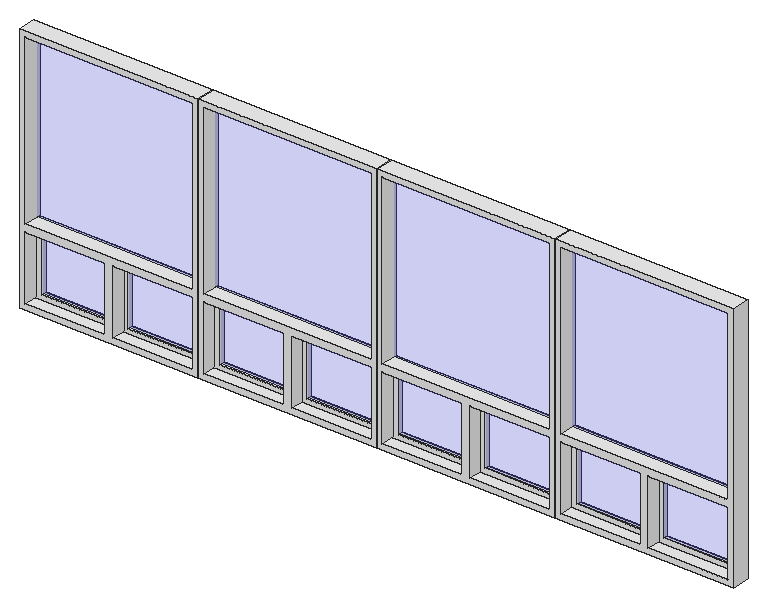
Revit family
Parameters (values of type "AW15-1")
  창 두께 = 150 mm
  창 패널 = AW14 창 패널
  창 프레임 = AW14 창 프레임
  폭 1 = Width / 4  # 1500 mm
  Height = 2100 mm
  절반 창 두께 = 창 두께 / 2  # 75 mm
  기본 씰 높이 = 600 mm
  Wall Closure = (empty or 0)
  Width = 6000 mm
Types (4, lengths in mm): name | Height | 기본 씰 높이
  (no name) | 2100 | 600
  AW14 | 1500 | 900
  AW15 | 1800 | 900
  AW15-1 | 2100 | 600
Reference planes
  plane 1: y = 0
  plane 2 "중심(왼쪽/오른쪽)": x = 0
  plane 3 "왼쪽": x = -3000
  plane 4 "오른쪽": x = 3000
  plane 5 "씰": z = 600
  plane 6 "헤드": z = 2700
  plane 7 "외부": y = 100
  plane 8 "내부": y = -100
  plane 9: y = 75
  plane 10: y = -75
  plane 11: y = 35
  plane 12: x = -2955
  plane 13: x = 2955
  plane 14: x = -2945
  plane 15: x = 2945
  plane 16: z = 1200
  plane 17: z = 1190
  plane 18: z = 1245
  plane 19: y = 55
  plane 20: y = 66
  plane 21: y = 44
  plane 22: y = -11
  plane 23: y = 11
  plane 24: x = -22.5
  plane 25: x = 22.5
  plane 26: x = -32.5
  plane 27: x = 32.5
  plane 28: x = -1500
  plane 29: x = 1500
  plane 30: x = -1532.5
  plane 31: x = -1467.5
  plane 32: x = -1522.5
  plane 33: x = -1477.5
  plane 34: x = 1467.5
  plane 35: x = 1532.5
  plane 36: x = 1477.5
  plane 37: x = 1522.5
  plane 38: x = 2250
  plane 39: x = 750
  plane 40: x = -750
  plane 41: x = -2250
  plane 42: x = -2282.5
  plane 43: x = -2217.5
  plane 44: x = -2272.5
  plane 45: x = -2227.5
  plane 46: x = -782.5
  plane 47: x = -717.5
  plane 48: x = -772.5
  plane 49: x = -727.5
  plane 50: x = 717.5
  plane 51: x = 782.5
  plane 52: x = 727.5
  plane 53: x = 772.5
  plane 54: x = 2217.5
  plane 55: x = 2282.5
  plane 56: x = 2227.5
  plane 57: x = 2272.5
  plane 58: x = 2625
  plane 59: x = 1875
  plane 60: x = 1125
  plane 61: x = 375
  plane 62: x = -375
  plane 63: x = -1125
  plane 64: x = -1875
  plane 65: x = -2625
Lines and regions (mm)
  symbolic lines
    curve 1: line (-3000, 100, 0) -> (-3000, -100, 0)
    curve 2: line (3000, 100, 0) -> (3000, -100, 0)
    curve 3: line (-3000, 75, 0) -> (3000, 75, 0)
    curve 4: line (-3000, -75, 0) -> (3000, -75, 0)
    curve 5: line (-1545, 75, 0) -> (-1545, -75, 0)
    curve 6: line (-1455, 75, 0) -> (-1455, -75, 0)
    curve 7: line (-45, 75, 0) -> (-45, -75, 0)
    curve 8: line (45, 75, 0) -> (45, -75, 0)
    curve 9: line (1455, 75, 0) -> (1455, -75, 0)
    curve 10: line (1545, 75, 0) -> (1545, -75, 0)
    curve 11: line (-3000, 0, 0) -> (-1545, 0, 0)
    curve 12: line (-1455, 0, 0) -> (-45, 0, 0)
    curve 13: line (45, 0, 0) -> (1455, 0, 0)
    curve 14: line (1545, 0, 0) -> (3000, 0, 0)
Text (mm)
  text "외부" at (-1963.203, 1332.353, 0), in view "참조 레벨"
  text "내부" at (-1981.466, -818.386, 0), in view "참조 레벨"
  text "외부" at (0, 923.751, 2943.296), in view "오른쪽"
  text "외부" at (0, 1040.484, 2685.409), in view "왼쪽"
Dimensions and locks
  equal spacing: plane 3 "왼쪽", plane 2 "중심(왼쪽/오른쪽)", plane 4 "오른쪽"
  "Width": plane 3 "왼쪽" to plane 4 "오른쪽"
  "Height": plane 5 "씰" to plane 6 "헤드"
  "기본 씰 높이": plane 5 "씰" to level
  locked: plane 7 "외부" to host wall at 0
  locked: plane 8 "내부" to host wall
  plane 17 to plane 16 to plane 18 = 10 mm locked, 45 mm locked
  plane 9 to plane 19 to plane 11 = 20 mm locked, 20 mm locked
  plane 20 to plane 19 to plane 21 = 11 mm locked, 11 mm locked
  plane 23 to host wall to plane 22 = 11 mm locked, 11 mm locked
  plane 3 "왼쪽" to plane 12 to plane 14 = 45 mm locked, 10 mm locked
  plane 15 to plane 13 to plane 4 "오른쪽" = 10 mm locked, 45 mm locked
  plane 24 to plane 2 "중심(왼쪽/오른쪽)" to plane 25 = 22.5 mm locked, 22.5 mm locked
  locked: plane 26 to plane 24 at 10
  locked: plane 25 to plane 27 at 10
  locked: plane 5 "씰" to plane 16 at 600
  equal spacing: plane 3 "왼쪽", plane 28, plane 2 "중심(왼쪽/오른쪽)"
  equal spacing: plane 2 "중심(왼쪽/오른쪽)", plane 29, plane 4 "오른쪽"
  plane 30 to plane 32 to plane 28 to plane 33 to plane 31 = 10 mm locked, 22.5 mm locked, 22.5 mm locked, 10 mm locked
  plane 34 to plane 36 to plane 29 to plane 37 to plane 35 = 10 mm locked, 22.5 mm locked, 22.5 mm locked, 10 mm locked
  equal spacing: plane 2 "중심(왼쪽/오른쪽)", plane 40, plane 28
  equal spacing: plane 28, plane 41, plane 3 "왼쪽"
  equal spacing: plane 29, plane 38, plane 4 "오른쪽"
  equal spacing: plane 2 "중심(왼쪽/오른쪽)", plane 39, plane 29
  plane 42 to plane 44 to plane 41 to plane 45 to plane 43 = 10 mm locked, 22.5 mm locked, 22.5 mm locked, 10 mm locked
  plane 46 to plane 48 to plane 40 to plane 49 to plane 47 = 10 mm locked, 22.5 mm locked, 22.5 mm locked, 10 mm locked
  plane 50 to plane 52 to plane 39 to plane 53 to plane 51 = 10 mm locked, 22.5 mm locked, 22.5 mm locked, 10 mm locked
  plane 54 to plane 56 to plane 38 to plane 57 to plane 55 = 10 mm locked, 22.5 mm locked, 22.5 mm locked, 10 mm locked
  equal spacing: plane 38, plane 58, plane 4 "오른쪽"
  equal spacing: plane 38, plane 59, plane 29
  equal spacing: plane 39, plane 60, plane 29
  equal spacing: plane 39, plane 61, plane 2 "중심(왼쪽/오른쪽)"
  equal spacing: plane 2 "중심(왼쪽/오른쪽)", plane 62, plane 40
  equal spacing: plane 40, plane 63, plane 28
  equal spacing: plane 41, plane 64, plane 28
  equal spacing: plane 41, plane 65, plane 3 "왼쪽"
  "절반 창 두께": plane 9 to host wall
  "절반 창 두께": plane 10 to host wall
  equal spacing: group 2, group 4, group 3, group 1
  equal spacing: group 1, group 3, group 4, group 2  (x2)
  aligned and locked: plane 4 "오른쪽" to nested 1
  aligned and locked: nested 1 to plane 5 "씰"
  aligned and locked: nested 2 to plane 5 "씰"
  aligned and locked: plane 28 to nested 4
  aligned and locked: plane 3 "왼쪽" to curve 3
  aligned and locked: plane 4 "오른쪽" to curve 3
  aligned and locked: curve 3 to plane 9
  aligned and locked: curve 4 to plane 10
  aligned and locked: curve 1 to plane 7 "외부"
  aligned and locked: curve 1 to plane 8 "내부"
  aligned and locked: plane 3 "왼쪽" to curve 1
  aligned and locked: plane 7 "외부" to curve 2
  aligned and locked: plane 8 "내부" to curve 2
  aligned and locked: plane 4 "오른쪽" to curve 2
  aligned and locked: plane 10 to curve 5
  aligned and locked: plane 9 to curve 5
  aligned and locked: nested 2 to curve 5
  aligned and locked: nested 4 to curve 6
  aligned and locked: nested 4 to curve 7
  aligned and locked: nested 3 to curve 8
  aligned and locked: nested 3 to curve 9
  aligned and locked: nested 1 to curve 10
  aligned and locked: curve 5 to curve 11
  aligned and locked: host wall to curve 11
  aligned and locked: curve 6 to curve 12
  aligned and locked: curve 7 to curve 12
  aligned and locked: host wall to curve 12
  aligned and locked: curve 8 to curve 13
  aligned and locked: curve 9 to curve 13
  aligned and locked: host wall to curve 13
  aligned and locked: curve 10 to curve 14
  aligned and locked: host wall to curve 14
Nested families
  nested 1: "AW9 2" at (2250, 0, 0) x (-1, 0, 0) z (0, 0, 1), type "AW9"
  nested 2: "AW9 2" at (-2250, 0, 0) x (-1, 0, 0) z (0, 0, 1), type "AW9"
  nested 3: "AW9 2" at (750, 0, 0) x (-1, 0, 0) z (0, 0, 1), type "AW9"
  nested 4: "AW9 2" at (-750, 0, 0) x (-1, 0, 0) z (0, 0, 1), type "AW9"
Definition of nested family "AW9 2"
  Parameters (values of type "AW9")
    창 두께 = 150 mm
    창 패널 = AW26 창 패널
    창 프레임 = AW26 창 프레임
    Height = 2100 mm
    절반 창 두께 = 창 두께 / 2  # 75 mm
    기본 씰 높이 = 600 mm
    Wall Closure = (empty or 0)
    Width = 1500 mm
    Assembly Code = ""
  Types (3, lengths in mm): name | Width
    AW9 | 1500
    AW9 2 | 1600
    AW9 1 | 4500
  Reference planes
    plane 1: y = 0
    plane 2 "중심(왼쪽/오른쪽)": x = 0
    plane 3 "왼쪽": x = -750
    plane 4 "오른쪽": x = 750
    plane 5 "씰": z = 600
    plane 6 "헤드": z = 2700
    plane 7 "외부": y = 100
    plane 8 "내부": y = -100
    plane 9: y = 75
    plane 10: y = -75
    plane 11: y = 35
    plane 12: x = -705
    plane 13: x = 705
    plane 14: x = -695
    plane 15: x = 695
    plane 16: z = 1200
    plane 17: z = 1190
    plane 18: z = 1245
    plane 19: y = 55
    plane 20: y = 66
    plane 21: y = 44
    plane 22: y = -11
    plane 23: y = 11
    plane 24: x = -22.5
    plane 25: x = 22.5
    plane 26: x = -32.5
    plane 27: x = 32.5
    plane 28: z = 2655
    plane 29: z = 645
    plane 30: x = 655
    plane 31: z = 1150
    plane 32: x = -655
    plane 33: z = 685
    plane 34: x = 72.5
    plane 35: x = -72.5
    plane 36: x = 368.75
    plane 37: x = -368.75
  Forms (mm)
    Extrusion 1, solid, material "AW26 창 프레임" <- "창 프레임"
      sketch origin (-2000, 75, 1000) x (-1, 0, 0) y (0, 0, 1)
        loop
          line (-2750, 1700) -> (-2750, -400) -> (-1250, -400) -> (-1250, 1700) -> (-2750, 1700)
        loop
          line (-2705, 1655) -> (-2705, 245) -> (-1295, 245) -> (-1295, 1655) -> (-2705, 1655)
        loop
          line (-2705, -355) -> (-2032.5, -355) -> (-2032.5, 190) -> (-2705, 190) -> (-2705, -355)
        loop
          line (-1295, -355) -> (-1295, 190) -> (-1967.5, 190) -> (-1967.5, -355) -> (-1295, -355)
      from -150 to 0
    Extrusion 2, solid, material "AW26 창 프레임" <- "창 프레임"
      sketch origin (-2000, 75, 1000) x (-1, 0, 0) y (0, 0, 1)
        loop
          line (-2705, 190) -> (-2705, -355) -> (-2032.5, -355) -> (-2032.5, 190) -> (-2705, 190)
        loop
          line (-1967.5, 190) -> (-1967.5, -355) -> (-1295, -355) -> (-1295, 190) -> (-1967.5, 190)
        loop
          line (-2655, 150) -> (-2655, -315) -> (-2072.5, -315) -> (-2072.5, 150) -> (-2655, 150)
        loop
          line (-1927.5, 150) -> (-1927.5, -315) -> (-1345, -315) -> (-1345, 150) -> (-1927.5, 150)
      from -40 to 0
    Extrusion 3, solid, material "AW26 창 패널" <- "창 패널"
      sketch origin (-2000, 75, 1000) x (-1, 0, 0) y (0, 0, 1)
        loop
          line (-2705, 1655) -> (-2705, 245) -> (-1295, 245) -> (-1295, 1655) -> (-2705, 1655)
        loop
          line (-2655, 150) -> (-2655, -315) -> (-2072.5, -315) -> (-2072.5, 150) -> (-2655, 150)
        loop
          line (-1927.5, 150) -> (-1927.5, -315) -> (-1345, -315) -> (-1345, 150) -> (-1927.5, 150)
      from -31 to -9
  Lines and regions (mm)
    Opening 1
      outline origin (3500, -100, 0) x (1, 0, 0) y (0, 0, 1)
        loop
          line (-2750, 600) -> (-2750, 2700) -> (-4250, 2700) -> (-4250, 600) -> (-2750, 600)
    symbolic lines, style "입면도 스윙"
      curve 1: line (368.75, 75, 1190) -> (705, 75, 645)
      curve 2: line (368.75, 75, 1190) -> (32.5, 75, 645)
      curve 3: line (-32.5, 75, 645) -> (-368.75, 75, 1190)
      curve 4: line (-368.75, 75, 1190) -> (-705, 75, 645)
    symbolic lines
      curve 5: line (-750, 75, 0) -> (750, 75, 0)
      curve 6: line (-705, 0, 0) -> (705, 0, 0)
      curve 7: line (-750, -75, 0) -> (750, -75, 0)
      curve 8: line (-705, 75, 0) -> (-705, -75, 0)
      curve 9: line (705, 75, 0) -> (705, -75, 0)
  Text (mm)
    text "외부" at (-1963.203, 1332.353, 0), in view "참조 레벨"
    text "내부" at (-1981.466, -818.386, 0), in view "참조 레벨"
    text "외부" at (0, 923.751, 2943.296), in view "오른쪽"
    text "외부" at (0, 1040.484, 2685.409), in view "왼쪽"
  Dimensions and locks
    equal spacing: plane 3 "왼쪽", plane 2 "중심(왼쪽/오른쪽)", plane 4 "오른쪽"
    "Width": plane 3 "왼쪽" to plane 4 "오른쪽"
    "Height": plane 5 "씰" to plane 6 "헤드"
    locked: plane 7 "외부" to host wall at 0
    locked: plane 8 "내부" to host wall
    plane 17 to plane 16 to plane 18 = 10 mm locked, 45 mm locked
    plane 9 to plane 19 to plane 11 = 20 mm locked, 20 mm locked
    plane 20 to plane 19 to plane 21 = 11 mm locked, 11 mm locked
    plane 23 to host wall to plane 22 = 11 mm locked, 11 mm locked
    plane 3 "왼쪽" to plane 12 to plane 14 = 45 mm locked, 10 mm locked
    plane 15 to plane 13 to plane 4 "오른쪽" = 10 mm locked, 45 mm locked
    plane 24 to plane 2 "중심(왼쪽/오른쪽)" to plane 25 = 22.5 mm locked, 22.5 mm locked
    locked: plane 26 to plane 24 at 10
    locked: plane 25 to plane 27 at 10
    locked: plane 5 "씰" to plane 16 at 600
    "절반 창 두께": plane 9 to plane 1
    "절반 창 두께": plane 10 to plane 1
    "기본 씰 높이": level to plane 5 "씰"
    locked: plane 28 to plane 6 "헤드" at 45
    locked: plane 5 "씰" to plane 29 at 45
    locked: plane 30 to plane 15 at 40
    locked: plane 31 to plane 17 at 40
    locked: plane 14 to plane 32 at 40
    locked: plane 29 to plane 33 at 40
    locked: plane 34 to plane 27 at 40
    locked: plane 26 to plane 35 at 40
    equal spacing: plane 27, plane 36, plane 13
    equal spacing: plane 26, plane 37, plane 12
    aligned and locked: plane 6 "헤드" to Extrusion 1 sketch curve
    aligned and locked: plane 4 "오른쪽" to Extrusion 1 sketch curve
    aligned and locked: Extrusion 1 sketch curve to plane 5 "씰"
    aligned and locked: Extrusion 1 sketch curve to plane 3 "왼쪽"
    aligned and locked: Extrusion 1 sketch curve to plane 28
    aligned and locked: plane 13 to Extrusion 1 sketch curve  (x2)
    aligned and locked: plane 29 to Extrusion 1 sketch curve  (x2)
    aligned and locked: Extrusion 1 sketch curve to plane 12
    aligned and locked: plane 18 to Extrusion 1 sketch curve
    aligned and locked: plane 12 to Extrusion 1 sketch curve
    aligned and locked: plane 17 to Extrusion 1 sketch curve  (x2)
    aligned and locked: plane 27 to Extrusion 1 sketch curve
    aligned and locked: plane 26 to Extrusion 1 sketch curve
    aligned and locked: Extrusion 1 to plane 10
    aligned and locked: plane 9 to Extrusion 1
    aligned and locked: plane 17 to Extrusion 2 sketch curve  (x2)
    aligned and locked: plane 13 to Extrusion 2 sketch curve
    aligned and locked: plane 29 to Extrusion 2 sketch curve  (x2)
    aligned and locked: plane 27 to Extrusion 2 sketch curve
    aligned and locked: Extrusion 2 sketch curve to plane 31  (x2)
    aligned and locked: Extrusion 2 sketch curve to plane 30
    aligned and locked: plane 33 to Extrusion 2 sketch curve  (x2)
    aligned and locked: Extrusion 2 sketch curve to plane 34
    aligned and locked: Extrusion 2 sketch curve to plane 26
    aligned and locked: Extrusion 2 sketch curve to plane 12
    aligned and locked: Extrusion 2 sketch curve to plane 35
    aligned and locked: Extrusion 2 sketch curve to plane 32
    aligned and locked: Extrusion 2 to plane 9
    aligned and locked: Extrusion 2 to plane 11
    aligned and locked: Extrusion 3 sketch curve to plane 28
    aligned and locked: plane 13 to Extrusion 3 sketch curve
    aligned and locked: Extrusion 3 sketch curve to plane 18
    aligned and locked: Extrusion 3 sketch curve to plane 12
    aligned and locked: Extrusion 3 sketch curve to plane 31  (x2)
    aligned and locked: Extrusion 3 sketch curve to plane 30
    aligned and locked: plane 33 to Extrusion 3 sketch curve  (x2)
    aligned and locked: Extrusion 3 sketch curve to plane 34
    aligned and locked: Extrusion 3 sketch curve to plane 35
    aligned and locked: Extrusion 3 sketch curve to plane 32
    aligned and locked: Extrusion 3 to plane 21
    aligned and locked: plane 20 to Extrusion 3
    aligned and locked: plane 36 to curve 1
    aligned and locked: plane 29 to curve 1
    aligned and locked: plane 13 to curve 1
    aligned and locked: plane 17 to curve 2
    aligned and locked: plane 27 to curve 2
    aligned and locked: plane 29 to curve 2
    aligned and locked: plane 17 to curve 3
    aligned and locked: plane 37 to curve 3
    aligned and locked: plane 29 to curve 3
    aligned and locked: plane 26 to curve 3
    aligned and locked: plane 29 to curve 4
    aligned and locked: plane 12 to curve 4
    aligned and locked: plane 3 "왼쪽" to curve 5
    aligned and locked: plane 3 "왼쪽" to curve 7
    aligned and locked: plane 12 to curve 6
    aligned and locked: plane 4 "오른쪽" to curve 5
    aligned and locked: plane 4 "오른쪽" to curve 7
    aligned and locked: plane 13 to curve 6
    aligned and locked: plane 13 to curve 9
    aligned and locked: plane 9 to curve 8
    aligned and locked: plane 10 to curve 8
    aligned and locked: plane 12 to curve 8
    aligned and locked: curve 5 to plane 9
    aligned and locked: curve 7 to plane 10
    aligned and locked: host wall to curve 6
  Automatic sketch dimensions
    Opening 1 sketch curve to plane 3 "왼쪽" = 0 mm
    Opening 1 sketch curve to plane 4 "오른쪽" = 0 mm
    Opening 1 sketch curve to plane 5 "씰" = 0 mm
    Opening 1 sketch curve to plane 6 "헤드" = 0 mm
    Extrusion 1 sketch curve to plane 17 = 0 mm
    Extrusion 1 sketch curve to plane 29 = 0 mm
